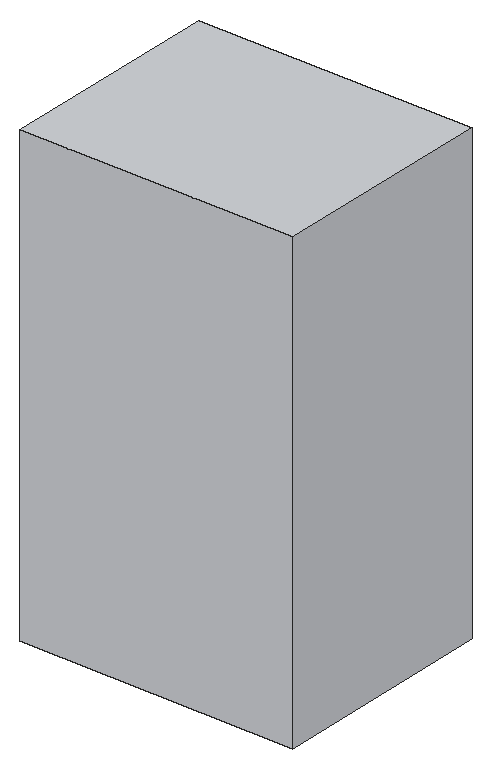
Revit family
Parameters
  Warranty Duration (Years) = 0
  Unit Width [instance] = 1' - 0"
  Unit Height [instance] = 0' - 11"
  Unit Depth = 0' - 4 7/8"
  URL = "http://www.americanspecialties.com/viewCategories.cfm"
  Trim Material = Metal - Stainless Steel
  Test Data = ""
  Specification = "http://www.arcat.com/sdspecs/htm/10810asi.htm"
  SpecWizard = ""
  Send Message = "http://www.arcat.com/users.pl?action=UserEmail&company=American%20Specialties,%20Inc.&coid=30448&rep=139&fax=914-476-0688&mf="
  Sales Information = "http://www.americanspecialties.com/contact"
  Revision = "R1_10-2010"
  Rack_Width = 0' - 6"
  Rack_Distance = 0' - 2"
  Product Properties = "http://www.americanspecialties.com/datasheets/0557.pdf"
  Product Data = "http://www.arcat.com/arcatcos/cos30/arc30448.html"
  Model = "As Specified in 10 28 13"
  Manufacturer Website = "http://www.americanspecialties.com/viewCategories.cfm"
  Manufacturer Phone - Toll Free = ""
  Manufacturer Phone = "914-476-9000 "
  Manufacturer Fax = "914-476-0688"
  Manufacturer Address = "441 Saw Mill River Rd., Yonkers, NY 10701"
  Manufacturer = "American Specialties, Inc."
  Maintenance Schedule (Months) = 0
  Keynote = "10 28 13"
  Installation-Fabrication = "http://www.americanspecialties.com/products.cfm"
  Hole = 0' - 9 3/8"
  Green Building-LEED = ""
  Expected Lifespan (Years) = 0
  Drawn By = "Robert S. Weygant. CSI, CDT, SCIP"  # constant formula
  Description = "Toilet Accessory as Specified in 10 28 13"
  Default Elevation = 4' - 0"
  Copyright = "©Arcat Inc."
  Construction Details = "http://www.arcat.com/green/clients/leed_data_30448.html"
  Building Codes = "http://www.americanspecialties.com/products.cfm"
  Body Material = Metal - Stainless Steel
  Assembly Code = "C1030210"
Reference planes (in)
  plane 1 "Center (Front/Back)": y = -4.79112
  plane 2 "Floor Line": z = 0
  plane 3 "Center (Left/Right)": x = -0.65843
  plane 4: z = 53.5
  plane 5: x = -6.65843
  plane 6: x = 5.34157
  plane 7: z = 48
  plane 8: z = 59
  plane 9: y = 0.70888
  plane 10: y = -10.29112
  plane 11: z = 4.875
  plane 12: y = -9.47862
  plane 13: x = -5.84593
  plane 14: x = 4.52907
  plane 15: y = -0.10362
  plane 16: y = 9.27138
Forms (in)
  Extrusion 1, solid
    sketch origin (-4.07053, -13.54084, -6) x (0, 0, -1) y (1, 0, 0)
      loop
        line (-82, 26) -> (-82, -19.34712) -> (-6, -19.34712) -> (-6, 26) -> (-82, 26)
    from 2.75028 to -34.27291
  Extrusion 2, solid, material "Metal - Stainless Steel" <- "Body Material"
    sketch origin (0, 0, 0) x (1, 0, 0) y (0, 1, 0)
      loop
        arc (-5.65843, 0.70888) -> (-6.36554, 0.41599) -> (-6.65843, -0.29112) r 1
        line (-6.65843, -0.29112) -> (-6.65843, -9.29112)
        arc (-6.65843, -9.29112) -> (-6.36554, -9.99822) -> (-5.65843, -10.29112) r 1
        line (-5.65843, -10.29112) -> (4.34157, -10.29112)
        arc (4.34157, -10.29112) -> (5.04867, -9.99822) -> (5.34157, -9.29112) r 1
        line (5.34157, -9.29112) -> (5.34157, -0.29112)
        arc (5.34157, -0.29112) -> (5.04867, 0.41599) -> (4.34157, 0.70888) r 1
        line (4.34157, 0.70888) -> (-5.65843, 0.70888)
    from 0 to 0.25
  Extrusion 3, solid, material "Metal - Stainless Steel" <- "Body Material"
    sketch origin (0, 0, 0) x (1, 0, 0) y (0, 1, 0)
      loop
        line (-6.65843, -4.29112) -> (-6.65843, -5.29112) -> (-1.15843, -5.29112) -> (-1.15843, -10.29112) -> (-0.15843, -10.29112) -> (-0.15843, -5.29112) -> (5.34157, -5.29112) -> (5.34157, -4.29112) -> (-6.65843, -4.29112)
    from 0.25 to 4.875
  Extrusion 4, void
    sketch origin (0, 0, 0) x (1, 0, 0) y (0, 1, 0)
      loop
        line (-6.59593, -2.54112) -> (-6.59593, -10.22862) -> (5.27907, -10.22862) -> (5.27907, -2.54112) -> (-6.59593, -2.54112)
    from 0.25 to 4.8125
  Extrusion 5, void
    sketch origin (0, 0, 0) x (1, 0, 0) y (0, 1, 0)
      loop
        circle (-5.84593, -9.47862) r 0.125
      loop
        circle (4.52907, -9.47862) r 0.125
      loop
        circle (-5.84593, -0.10362) r 0.125
      loop
        circle (4.52907, -0.10362) r 0.125
      loop
        circle (-5.84593, 9.27138) r 0.125
      loop
        circle (4.52907, 9.27138) r 0.125
    from 0 to 12
Cuts and joins
  Extrusion 4, Extrusion 5 cuts Extrusion 2
  Extrusion 4, Extrusion 5 cuts Extrusion 3
Dimensions and locks (in)
  equal spacing: plane 8, plane 4, plane 7
  equal spacing: plane 6, plane 3 "Center (Left/Right)", plane 5
  "Unit Width": plane 6 to plane 5
  "Unit Height": plane 8 to plane 7
  "Default Elevation": plane 7 to plane 2 "Floor Line"
  "Unit Height": plane 9 to plane 10
  "Unit Depth": plane 11 to plane 2 "Floor Line"
  cut or joined group of Extrusion 3, Extrusion 4, Extrusion 5 to cut or joined group of Extrusion 3, Extrusion 4, Extrusion 5 = 0' - 1"
  locked: plane 10 to plane 1 "Center (Front/Back)" at 5.5
  locked: plane 10 to cut or joined group of Extrusion 3, Extrusion 4, Extrusion 5 at 5
  "Hole": plane 15 to plane 12
  locked: plane 12 to plane 10 at 0.8125
  "Hole": plane 16 to plane 15
  locked: cut or joined group of Extrusion 3, Extrusion 4, Extrusion 5 to cut or joined group of Extrusion 3, Extrusion 4, Extrusion 5 at 0.0625
  aligned and locked: Extrusion 1 to level
  aligned and locked: plane 10 to Extrusion 2 sketch curve
  aligned and locked: Extrusion 2 sketch curve to plane 6
  aligned and locked: Extrusion 2 sketch curve to plane 9
  aligned and locked: plane 5 to Extrusion 2 sketch curve
  aligned and locked: Extrusion 3 to Extrusion 2
  aligned and locked: plane 11 to cut or joined group of Extrusion 3, Extrusion 4, Extrusion 5
Automatic sketch dimensions
  Extrusion 1 sketch curve to Extrusion 1 sketch curve = 6' - 4"
  Extrusion 1 sketch curve to Extrusion 1 sketch curve = 3' - 9.34712"
  plane 5 to Extrusion 2 sketch curve = 0' - 1"  (x2)
  Extrusion 2 sketch curve to plane 6 = 0' - 1"  (x2)
  Extrusion 3 sketch curve to plane 5 = 0' - 0"
  Extrusion 3 sketch curve to plane 10 = 0' - 0"
  Extrusion 3 sketch curve to plane 6 = 0' - 0"
  Extrusion 3 sketch curve to plane 3 "Center (Left/Right)" = 0' - 0 1/2"
  plane 3 "Center (Left/Right)" to Extrusion 3 sketch curve = 0' - 0 1/2"
  plane 1 "Center (Front/Back)" to Extrusion 3 sketch curve = 0' - 0 1/2"  (x2)
  Extrusion 3 sketch curve to plane 1 "Center (Front/Back)" = 0' - 0 1/2"
  plane 5 to Extrusion 4 sketch curve = 0' - 0 1/16"
  Extrusion 4 sketch curve to plane 6 = 0' - 0 1/16"
  plane 10 to Extrusion 4 sketch curve = 0' - 0 1/16"
  Extrusion 4 sketch curve to plane 1 "Center (Front/Back)" = 0' - 2 1/4"
  Extrusion 5 sketch curve to plane 13 = 0' - 0"  (x3)
  Extrusion 5 sketch curve to plane 12 = 0' - 0"  (x2)
  Extrusion 5 sketch curve to plane 14 = 0' - 0"  (x3)
  Extrusion 5 sketch curve to plane 15 = 0' - 0"  (x2)
  Extrusion 5 sketch curve to plane 16 = 0' - 0"  (x2)
  radius of Extrusion 5 sketch curve = 0' - 0 1/8"  (x6)
